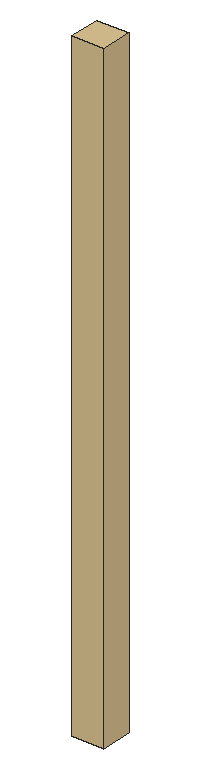
Revit family
Parameters (values of type "6 x 6")
  Assembly Code = "B1010200"
  Depth = 0' - 5 1/2"
  Material = Wood - Dimensional Lumber
  Width = 0' - 5 1/2"
Types (8): name | Depth | Width
  (no name) | 0' - 5 1/2" | 0' - 5 1/2"
  6 x 8 | 0' - 7 1/2" | 0' - 5 1/2"
  8 x 8 | 0' - 7 1/2" | 0' - 7 1/2"
  6 x 6 | 0' - 5 1/2" | 0' - 5 1/2"
  8 x 10 | 0' - 9 1/2" | 0' - 7 1/2"
  5 x 5 | 0' - 4 1/2" | 0' - 4 1/2"
  6 x 10 | 0' - 9 1/2" | 0' - 5 1/2"
  8 x 12 | 0' - 11 1/2" | 0' - 7 1/2"
Reference planes (in)
  plane 1: y = 0
  plane 2: z = 0
  plane 3: x = 0
  plane 4: x = -2.75
  plane 5: x = 2.75
  plane 6: y = 2.75
  plane 7: y = -2.75
Forms (in)
  Extrusion 1, solid, material "Wood - Dimensional Lumber" <- "Material"
    sketch origin (0, 0, 0) x (1, 0, 0) y (0, 1, 0)
      loop
        line (-2.75, -2.75) -> (2.75, -2.75) -> (2.75, 2.75) -> (-2.75, 2.75) -> (-2.75, -2.75)
    from 0 to 108
Lines and regions (in)
  symbolic lines, style "Columns"
    curve 1: line (-2.75, 2.75, 0) -> (2.75, -2.75, 0)
    curve 2: line (2.75, 2.75, 0) -> (-2.75, -2.75, 0)
Dimensions and locks (in)
  equal spacing: plane 4, plane 3, plane 5
  equal spacing: plane 7, plane 1, plane 6
  "Width": plane 4 to plane 5
  "Depth": plane 7 to plane 6
  aligned and locked: plane 4 to Extrusion 1 sketch curve
  aligned and locked: plane 5 to Extrusion 1 sketch curve
  aligned and locked: Extrusion 1 sketch curve to plane 5
  aligned and locked: level to Extrusion 1
Automatic sketch dimensions
  Extrusion 1 sketch curve to plane 7 = 0' - 0"
  Extrusion 1 sketch curve to plane 6 = 0' - 0"
  curve 2 to plane 5 = 0' - 0"
  curve 1 to plane 5 = 0' - 0"
  curve 1 to plane 7 = 0' - 0"
  curve 2 to plane 6 = 0' - 0"
  curve 1 to plane 6 = 0' - 0"
  curve 2 to plane 4 = 0' - 0"
  curve 1 to plane 4 = 0' - 0"
  curve 2 to plane 7 = 0' - 0"
